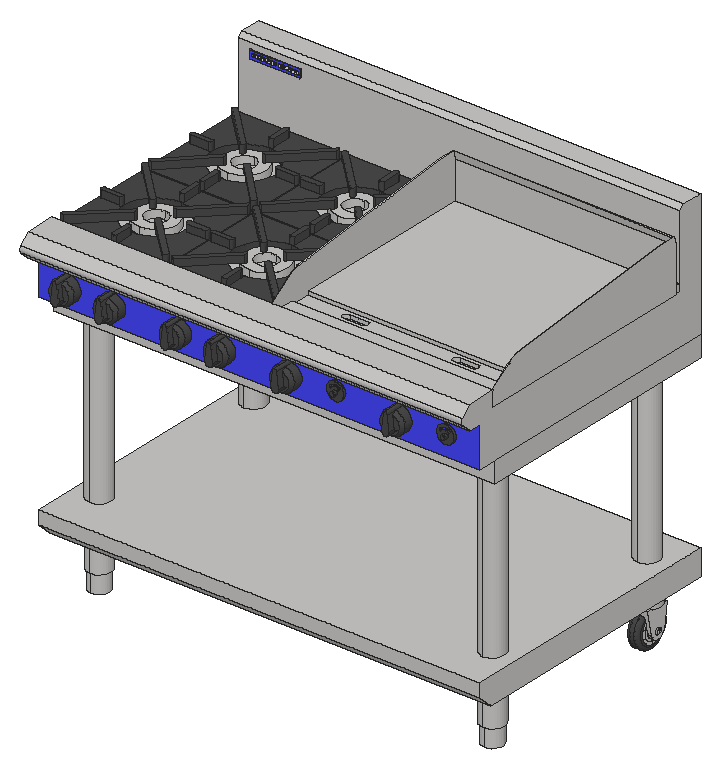
Revit family "QF_MOFFAT_BLUESEAL_CE_G518B-LS", category Specialty Equipment, Revit 2012
Parameters
  Width = 1200 mm
  Weight in Pounds = 347  # constant formula
  URL Cutsheet = "www.moffat.com"
  URL = "www.moffat.com"
  Type Mark [instance] = ""
  Status [instance] = ""
  Specification by User [instance] = ""
  Specification by Manufacturer = ""
  Show Logo [instance] = yes
  Show Casters [instance] = yes
  Serial Number = ""
  Seismic Rating = ""
  SMACNA No = ""
  Revision Code [instance] = ""
  Omniclass Number and Title = ""
  NAFEM Spec ID Number = ""
  Model = "G518B-LS"
  Mechanical Remarks = ""
  Mechanical Connection Type = ""
  Masterspec = ""
  Manufacturer = "MOFFAT BLUESEAL"
  Legs [instance] = not(Show Casters)  # no
  Item Number [instance] = ""
  Installed By [instance] = ""
  Identify Quantity as Lot [instance] = yes
  Gas Size = 3/4"
  Gas RI Height = 0 mm
  Gas KW = 42.2
  Gas Input = 144068.0 Btu/h
  Gas Connection Height = 0 mm
  Furnished By [instance] = ""
  Foodservice Equipment Identifier [instance] = yes
  Description = "1200MM GAS COOK TOP ON LEG STAND"
  Depth = 812 mm
  CSI MasterFormat = ""
  CSI Master Format = ""
  Base Height [instance] = 150 mm
Reference planes
  plane 1 "BACK": y = 0
  plane 2: z = 0
  plane 3 "LEFT": x = 0
  plane 4 "RIGHT": x = 1200
  plane 5 "FRONT": y = -812
  plane 6 "TOP": z = 970
  plane 7 "Center Y": x = 600
  plane 8 "Center X": y = -406
  plane 9 "Base Height": z = 150
  plane 10: z = 915
  plane 11: x = 1070
  plane 12: z = 1085
  plane 13: x = 65.354
  plane 14: y = -625
  plane 15: y = -100
  plane 16: z = 655
  plane 17: x = 1134.646
Forms (mm)
  Extrusion 1, solid, material "QF_Finishes_Stainless Steel"
    sketch origin (0, 0, 0) x (0, 1, 0) y (0, 0, 1)
      loop
        line (-749, 850) -> (-749, 740) -> (0, 740) -> (0, 1085) -> (-57.5, 1085) -> (-70, 1072.5) -> (-70, 875) -> (-705, 875) -> (-705, 915) -> (-783.97, 915) -> (-808.485, 890.485)
        arc (-808.485, 890.485) -> (-811.999, 882) -> (-808.485, 873.515) r 12
        line (-808.485, 873.515) -> (-784.97, 850) -> (-749, 850)
      loop
        line (0, 685) -> (0, 739.5) -> (-699, 739.5) -> (-699, 685) -> (0, 685)
      loop
        line (0, 222.5) -> (-749, 222.5) -> (-749, 186) -> (-713, 150) -> (0, 150) -> (0, 222.5)
    from 0 to 1200
  Revolve 2, solid, material "QF_Finishes_Black"
    sketch origin (90, 7, 600) x (0, 1, 0) y (0, 0, -1)
      loop
        line (-789, -229.5) -> (-766, -229.5) -> (-766, -202) -> (-756, -202) -> (-756, -197) -> (-800, -197) -> (-800, -223.651) -> (-789, -229.5)
      axis (-800, -197) -> (-756, -197)
    angle from 0 to 360
  Extrusion 3, solid, material "QF_Finishes_Black"
    sketch origin (90, -759, 797) x (0, 0, 1) y (1, 0, 0)
      loop
        arc (32.192, -4.965) -> (37.079, 0.034) -> (32.192, 5.033) r 5
        line (32.192, 5.033) -> (-10.726, 10.453)
        arc (-10.726, 10.453) -> (-22.392, 0.618) -> (-11.893, -10.454) r 10.487
        line (-11.893, -10.454) -> (32.192, -4.965)
    from 0 to -49
  Extrusion 4, solid, material "QF_Finishes_Stainless Steel"
    sketch origin (0, 0, 222.5) x (0, -1, 0) y (1, 0, 0)
      loop
        circle (100, 65) r 31.75
      loop
        circle (625, 65) r 31.75
      loop
        circle (100, 1135) r 31.75
      loop
        circle (625, 1135) r 31.75
    from 0 to 462.5
  Revolve 5, solid, material "QF_Finishes_Stainless Steel", visible <- "Legs"
    sketch origin (65.5, -166, 0) x (0, 1, 0) y (0, 0, 1)
      loop
        line (34.25, 150) -> (34.25, 50) -> (38.5, 50) -> (38.5, 0) -> (66, 0) -> (66, 150) -> (34.25, 150)
      axis (66, 150) -> (66, 0)
    angle from 0 to 360
  Revolve 6, solid, material "QF_Finishes_Stainless Steel"
    sketch origin (65.5, -735, 0) x (0, 1, 0) y (0, 0, 1)
      loop
        line (78.25, 150) -> (78.25, 50) -> (82.5, 50) -> (82.5, 0) -> (110, 0) -> (110, 150) -> (78.25, 150)
      axis (110, 150) -> (110, 0)
    angle from 0 to 360
  Revolve 7, solid, material "QF_Finishes_Stainless Steel", visible <- "Show Casters"
    sketch origin (16.276, -100.755, -12.8) x (1, 0, 0) y (0, 0, 1)
      loop
        line (14.841, 63.604) -> (83.584, 63.604) -> (83.584, 67.109) -> (82.314, 68.379) -> (80.79, 68.379) -> (80.79, 71.826) -> (68.644, 71.826) -> (68.644, 81.79) -> (65.088, 83.843) -> (63.738, 92.179) -> (65.881, 92.179) -> (65.881, 98.529) -> (65.088, 98.529) -> (65.088, 104.879)
        arc (65.088, 104.879) -> (62.298, 111.614) -> (55.563, 114.404) r 9.525
        line (55.563, 114.404) -> (42.863, 114.404)
        arc (42.863, 114.404) -> (36.127, 111.614) -> (33.338, 104.879) r 9.525
        line (33.338, 104.879) -> (33.338, 98.529) -> (32.544, 98.529) -> (32.544, 92.179) -> (34.687, 92.179) -> (33.352, 83.932) -> (29.782, 81.871) -> (29.782, 71.826) -> (17.635, 71.826) -> (17.635, 68.379) -> (16.111, 68.379) -> (14.841, 67.109) -> (14.841, 63.604)
      axis (14.841, 63.604) -> (83.584, 63.604)
    angle from 0 to 360
  Extrusion 8, solid, material "QF_Finishes_Stainless Steel", visible <- "Show Casters"
    sketch origin (72.001, 132.353, -8.783) x (0, 1, 0) y (0, 0, 1)
      loop
        line (-200.603, 118.783) -> (-264.103, 118.783) -> (-251.746, 53.895)
        arc (-251.746, 53.895) -> (-232.353, 38.783) -> (-212.959, 53.895) r 20
        line (-212.959, 53.895) -> (-200.603, 118.783)
    from -35.667 to 22.923
  Revolve 9, solid, material "QF_Finishes_Stainless Steel", visible <- "Show Casters"
    sketch origin (65.5, -204, 0) x (0, 1, 0) y (0, 0, 1)
      loop
        line (68.25, 150) -> (68.25, 110) -> (104, 110) -> (104, 150) -> (68.25, 150)
      axis (104, 150) -> (104, 110)
    angle from 0 to 360
  Revolve 10, solid, material "QF_Finishes_Stainless Steel", visible <- "Legs"
    sketch origin (65.5, -166, 0) x (0, 1, 0) y (0, 0, 1)
      loop
        line (34.25, 150) -> (34.25, 50) -> (38.5, 50) -> (38.5, 0) -> (66, 0) -> (66, 150) -> (34.25, 150)
      axis (66, 150) -> (66, 0)
    angle from 0 to 360
  Extrusion 11, solid, material "QF_Finishes_Stainless Steel"
    sketch origin (0, 0, 685) x (-1, 0, 0) y (0, 1, 0)
      loop
        circle (-1070, -32) r 6.35
    from 0 to 30
  Revolve 12, solid, material "QF_Finishes_Black"
    sketch origin (390, 7, 600) x (0, 1, 0) y (0, 0, -1)
      loop
        line (-789, -229.5) -> (-766, -229.5) -> (-766, -202) -> (-756, -202) -> (-756, -197) -> (-800, -197) -> (-800, -223.651) -> (-789, -229.5)
      axis (-800, -197) -> (-756, -197)
    angle from 0 to 360
  Extrusion 13, solid, material "QF_Finishes_Black"
    sketch origin (390, -759, 797) x (0, 0, 1) y (1, 0, 0)
      loop
        arc (32.192, -4.965) -> (37.079, 0.034) -> (32.192, 5.033) r 5
        line (32.192, 5.033) -> (-10.726, 10.453)
        arc (-10.726, 10.453) -> (-22.392, 0.618) -> (-11.893, -10.454) r 10.487
        line (-11.893, -10.454) -> (32.192, -4.965)
    from 0 to -49
  Revolve 14, solid, material "QF_Finishes_Black"
    sketch origin (690, 7, 600) x (0, 1, 0) y (0, 0, -1)
      loop
        line (-789, -229.5) -> (-766, -229.5) -> (-766, -202) -> (-756, -202) -> (-756, -197) -> (-800, -197) -> (-800, -223.651) -> (-789, -229.5)
      axis (-800, -197) -> (-756, -197)
    angle from 0 to 360
  Extrusion 15, solid, material "QF_Finishes_Black"
    sketch origin (690, -759, 797) x (0, 0, 1) y (1, 0, 0)
      loop
        arc (32.192, -4.965) -> (37.079, 0.034) -> (32.192, 5.033) r 5
        line (32.192, 5.033) -> (-10.726, 10.453)
        arc (-10.726, 10.453) -> (-22.392, 0.618) -> (-11.893, -10.454) r 10.487
        line (-11.893, -10.454) -> (32.192, -4.965)
    from 0 to -49
  Revolve 16, solid, material "QF_Finishes_Black"
    sketch origin (210, 7, 600) x (0, 1, 0) y (0, 0, -1)
      loop
        line (-789, -229.5) -> (-766, -229.5) -> (-766, -202) -> (-756, -202) -> (-756, -197) -> (-800, -197) -> (-800, -223.651) -> (-789, -229.5)
      axis (-800, -197) -> (-756, -197)
    angle from 0 to 360
  Extrusion 17, solid, material "QF_Finishes_Black"
    sketch origin (210, -759, 797) x (0, 0, 1) y (1, 0, 0)
      loop
        arc (32.192, -4.965) -> (37.079, 0.034) -> (32.192, 5.033) r 5
        line (32.192, 5.033) -> (-10.726, 10.453)
        arc (-10.726, 10.453) -> (-22.392, 0.618) -> (-11.893, -10.454) r 10.487
        line (-11.893, -10.454) -> (32.192, -4.965)
    from 0 to -49
  Revolve 18, solid, material "QF_Finishes_Stainless Steel", visible <- "Legs"
    sketch origin (1134.5, -166, 0) x (0, 1, 0) y (0, 0, -1)
      loop
        line (34.25, -150) -> (66, -150) -> (66, 0) -> (38.5, 0) -> (38.5, -50) -> (34.25, -50) -> (34.25, -150)
      axis (66, -150) -> (66, 0)
    angle from 0 to 360
  Revolve 19, solid, material "QF_Finishes_Stainless Steel"
    sketch origin (1134.5, -735, 0) x (0, 1, 0) y (0, 0, -1)
      loop
        line (78.25, -150) -> (110, -150) -> (110, 0) -> (82.5, 0) -> (82.5, -50) -> (78.25, -50) -> (78.25, -150)
      axis (110, -150) -> (110, 0)
    angle from 0 to 360
  Revolve 20, solid, material "QF_Finishes_Stainless Steel", visible <- "Show Casters"
    sketch origin (1183.724, -100.755, -12.8) x (-1, 0, 0) y (0, 0, -1)
      loop
        line (14.841, -63.604) -> (14.841, -67.109) -> (16.111, -68.379) -> (17.635, -68.379) -> (17.635, -71.826) -> (29.782, -71.826) -> (29.782, -81.871) -> (33.352, -83.932) -> (34.687, -92.179) -> (32.544, -92.179) -> (32.544, -98.529) -> (33.338, -98.529) -> (33.338, -104.879)
        arc (33.338, -104.879) -> (36.127, -111.614) -> (42.863, -114.404) r 9.525
        line (42.863, -114.404) -> (55.563, -114.404)
        arc (55.563, -114.404) -> (62.298, -111.614) -> (65.088, -104.879) r 9.525
        line (65.088, -104.879) -> (65.088, -98.529) -> (65.881, -98.529) -> (65.881, -92.179) -> (63.738, -92.179) -> (65.088, -83.843) -> (68.644, -81.79) -> (68.644, -71.826) -> (80.79, -71.826) -> (80.79, -68.379) -> (82.314, -68.379) -> (83.584, -67.109) -> (83.584, -63.604) -> (14.841, -63.604)
      axis (14.841, -63.604) -> (83.584, -63.604)
    angle from 0 to 360
  Extrusion 21, solid, material "QF_Finishes_Stainless Steel", visible <- "Show Casters"
    sketch origin (1127.999, 132.353, -8.783) x (0, 1, 0) y (0, 0, -1)
      loop
        line (-200.603, -118.783) -> (-212.959, -53.895)
        arc (-212.959, -53.895) -> (-232.353, -38.783) -> (-251.746, -53.895) r 20
        line (-251.746, -53.895) -> (-264.103, -118.783) -> (-200.603, -118.783)
    from -35.667 to 22.923
  Revolve 22, solid, material "QF_Finishes_Stainless Steel", visible <- "Show Casters"
    sketch origin (1134.5, -204, 0) x (0, 1, 0) y (0, 0, -1)
      loop
        line (68.25, -150) -> (104, -150) -> (104, -110) -> (68.25, -110) -> (68.25, -150)
      axis (104, -150) -> (104, -110)
    angle from 0 to 360
  Revolve 23, solid, material "QF_Finishes_Stainless Steel", visible <- "Legs"
    sketch origin (1134.5, -166, 0) x (0, 1, 0) y (0, 0, -1)
      loop
        line (34.25, -150) -> (66, -150) -> (66, 0) -> (38.5, 0) -> (38.5, -50) -> (34.25, -50) -> (34.25, -150)
      axis (66, -150) -> (66, 0)
    angle from 0 to 360
  Revolve 24, solid, material "QF_Finishes_Black"
    sketch origin (990, 7, 600) x (0, 1, 0) y (0, 0, -1)
      loop
        line (-789, -229.5) -> (-766, -229.5) -> (-766, -202) -> (-756, -202) -> (-756, -197) -> (-800, -197) -> (-800, -223.651) -> (-789, -229.5)
      axis (-800, -197) -> (-756, -197)
    angle from 0 to 360
  Extrusion 25, solid, material "QF_Finishes_Black"
    sketch origin (990, -759, 797) x (0, 0, 1) y (1, 0, 0)
      loop
        arc (32.192, -4.965) -> (37.079, 0.034) -> (32.192, 5.033) r 5
        line (32.192, 5.033) -> (-10.726, 10.453)
        arc (-10.726, 10.453) -> (-22.392, 0.618) -> (-11.893, -10.454) r 10.487
        line (-11.893, -10.454) -> (32.192, -4.965)
    from 0 to -49
  Revolve 26, solid, material "QF_Finishes_Black"
    sketch origin (510, 7, 600) x (0, 1, 0) y (0, 0, -1)
      loop
        line (-789, -229.5) -> (-766, -229.5) -> (-766, -202) -> (-756, -202) -> (-756, -197) -> (-800, -197) -> (-800, -223.651) -> (-789, -229.5)
      axis (-800, -197) -> (-756, -197)
    angle from 0 to 360
  Extrusion 27, solid, material "QF_Finishes_Black"
    sketch origin (510, -759, 797) x (0, 0, 1) y (1, 0, 0)
      loop
        arc (32.192, -4.965) -> (37.079, 0.034) -> (32.192, 5.033) r 5
        line (32.192, 5.033) -> (-10.726, 10.453)
        arc (-10.726, 10.453) -> (-22.392, 0.618) -> (-11.893, -10.454) r 10.487
        line (-11.893, -10.454) -> (32.192, -4.965)
    from 0 to -49
  Extrusion 28, solid, material "QF_Finishes_Black"
    sketch origin (0, -749, 850) x (0, 0, -1) y (1, 0, 0)
      loop
        circle (53, 810) r 23.9
      loop
        circle (53, 1110) r 23.9
      loop
        arc (45.641, 1118.419) -> (46.501, 1123.219) -> (41.701, 1124.079) r 3.448
        arc (41.701, 1124.079) -> (35.116, 1109.341) -> (42.919, 1095.209) r 18.095
        arc (42.919, 1095.209) -> (47.641, 1096.491) -> (46.326, 1101.204) r 3.448
        arc (46.326, 1101.204) -> (42.758, 1109.683) -> (45.641, 1118.419) r 13.109
      loop
        arc (45.641, 818.419) -> (46.501, 823.219) -> (41.701, 824.079) r 3.448
        arc (41.701, 824.079) -> (35.116, 809.341) -> (42.919, 795.209) r 18.095
        arc (42.919, 795.209) -> (47.641, 796.491) -> (46.326, 801.204) r 3.448
        arc (46.326, 801.204) -> (42.758, 809.683) -> (45.641, 818.419) r 13.109
    from 0 to 5
  Extrusion 29, solid, material "QF_Finishes_Black"
    sketch origin (0, -754, 850) x (0, 0, -1) y (1, 0, 0)
      loop
        circle (56.5, 810) r 5.75
      loop
        circle (56.5, 1110) r 5.75
    from 0 to 10
Lines and regions (mm)
  Split face 1
    outline origin (0, -56.5, 1085) x (0, 1, 0) y (-1, 0, 0)
      loop
        line (11.115, -638.041) -> (11.115, -866)
        arc (11.115, -866) -> (16.115, -874.66) -> (26.115, -874.66) r 10
        line (26.115, -874.66) -> (33.115, -870.619)
        arc (33.115, -870.619) -> (36.775, -866.959) -> (38.115, -861.959) r 10
        line (38.115, -861.959) -> (38.115, -634)
        arc (38.115, -634) -> (33.115, -625.34) -> (23.115, -625.34) r 10
        line (23.115, -625.34) -> (16.115, -629.381)
        arc (16.115, -629.381) -> (12.455, -633.041) -> (11.115, -638.041) r 10
  Split face 2
    outline origin (0, -56.5, 1085) x (0, 1, 0) y (-1, 0, 0)
      loop
        line (38.115, -1151.959) -> (38.115, -924)
        arc (38.115, -924) -> (33.115, -915.34) -> (23.115, -915.34) r 10
        line (23.115, -915.34) -> (16.115, -919.381)
        arc (16.115, -919.381) -> (12.455, -923.041) -> (11.115, -928.041) r 10
        line (11.115, -928.041) -> (11.115, -1156)
        arc (11.115, -1156) -> (16.115, -1164.66) -> (26.115, -1164.66) r 10
        line (26.115, -1164.66) -> (33.115, -1160.619)
        arc (33.115, -1160.619) -> (36.775, -1156.959) -> (38.115, -1151.959) r 10
  Split face 3
    outline origin (0, -56.5, 1085) x (0, 1, 0) y (-1, 0, 0)
      loop
        line (11.115, -48.041) -> (11.115, -276)
        arc (11.115, -276) -> (16.115, -284.66) -> (26.115, -284.66) r 10
        line (26.115, -284.66) -> (33.115, -280.619)
        arc (33.115, -280.619) -> (36.775, -276.959) -> (38.115, -271.959) r 10
        line (38.115, -271.959) -> (38.115, -44)
        arc (38.115, -44) -> (33.115, -35.34) -> (23.115, -35.34) r 10
        line (23.115, -35.34) -> (16.115, -39.381)
        arc (16.115, -39.381) -> (12.455, -43.041) -> (11.115, -48.041) r 10
  Split face 4
    outline origin (0, -56.5, 1085) x (0, 1, 0) y (-1, 0, 0)
      loop
        arc (38.115, -344) -> (33.115, -335.34) -> (23.115, -335.34) r 10
        line (23.115, -335.34) -> (16.115, -339.381)
        arc (16.115, -339.381) -> (12.455, -343.041) -> (11.115, -348.041) r 10
        line (11.115, -348.041) -> (11.115, -576)
        arc (11.115, -576) -> (16.115, -584.66) -> (26.115, -584.66) r 10
        line (26.115, -584.66) -> (33.115, -580.619)
        arc (33.115, -580.619) -> (36.775, -576.959) -> (38.115, -571.959) r 10
        line (38.115, -571.959) -> (38.115, -344)
  symbolic lines, style "SpecialityEquipmentHiddenLines", visible <- "Show Casters"
    curve 1: line (78.456, -46.735, 0) -> (105.952, -62.61, 0)
    curve 2: line (27.656, -134.723, 0) -> (78.456, -46.735, 0)
    curve 3: line (55.152, -150.598, 0) -> (27.656, -134.723, 0)
    curve 4: line (105.952, -62.61, 0) -> (55.152, -150.598, 0)
    curve 5: line (1148.456, -46.735, 0) -> (1175.952, -62.61, 0)
    curve 6: line (1097.656, -134.723, 0) -> (1148.456, -46.735, 0)
    curve 7: line (1125.152, -150.598, 0) -> (1097.656, -134.723, 0)
    curve 8: line (1175.952, -62.61, 0) -> (1125.152, -150.598, 0)
  symbolic lines
    curve 9: line (0, -783.97, 0) -> (1200, -783.97, 0)
    curve 10: line (0, 0, 0) -> (0, -811.999, 0)
    curve 11: line (1200, -811.999, 0) -> (1200, 0, 0)
    curve 12: line (1200, -811.999, 0) -> (0, -811.999, 0)
    curve 13: line (0, -70, 0) -> (1200, -70, 0)
    curve 14: line (0, -57.5, 0) -> (1200, -57.5, 0)
    curve 15: line (1200, 0, 0) -> (0, 0, 0)
    curve 16: line (271.959, -18.385, 0) -> (44, -18.385, 0)
    curve 17: arc (44, -18.385, 0) -> (35.34, -23.385, 0) -> (35.34, -33.385, 0) r 10
    curve 18: line (35.34, -33.385, 0) -> (39.381, -40.385, 0)
    curve 19: arc (39.381, -40.385, 0) -> (43.041, -44.045, 0) -> (48.041, -45.385, 0) r 10
    curve 20: line (48.041, -45.385, 0) -> (276, -45.385, 0)
    curve 21: arc (276, -45.385, 0) -> (284.66, -40.385, 0) -> (284.66, -30.385, 0) r 10
    curve 22: line (284.66, -30.385, 0) -> (280.619, -23.385, 0)
    curve 23: arc (280.619, -23.385, 0) -> (276.959, -19.725, 0) -> (271.959, -18.385, 0) r 10
    curve 24: line (0, -705, 0) -> (1200, -705, 0)
    curve 25: line (571.959, -18.385, 0) -> (344, -18.385, 0)
    curve 26: arc (344, -18.385, 0) -> (335.34, -23.385, 0) -> (335.34, -33.385, 0) r 10
    curve 27: line (335.34, -33.385, 0) -> (339.381, -40.385, 0)
    curve 28: arc (339.381, -40.385, 0) -> (343.041, -44.045, 0) -> (348.041, -45.385, 0) r 10
    curve 29: line (348.041, -45.385, 0) -> (576, -45.385, 0)
    curve 30: arc (576, -45.385, 0) -> (584.66, -40.385, 0) -> (584.66, -30.385, 0) r 10
    curve 31: line (584.66, -30.385, 0) -> (580.619, -23.385, 0)
    curve 32: arc (580.619, -23.385, 0) -> (576.959, -19.725, 0) -> (571.959, -18.385, 0) r 10
    curve 33: line (861.959, -18.385, 0) -> (634, -18.385, 0)
    curve 34: arc (634, -18.385, 0) -> (625.34, -23.385, 0) -> (625.34, -33.385, 0) r 10
    curve 35: line (625.34, -33.385, 0) -> (629.381, -40.385, 0)
    curve 36: arc (629.381, -40.385, 0) -> (633.041, -44.045, 0) -> (638.041, -45.385, 0) r 10
    curve 37: line (638.041, -45.385, 0) -> (866, -45.385, 0)
    curve 38: arc (866, -45.385, 0) -> (874.66, -40.385, 0) -> (874.66, -30.385, 0) r 10
    curve 39: line (874.66, -30.385, 0) -> (870.619, -23.385, 0)
    curve 40: arc (870.619, -23.385, 0) -> (866.959, -19.725, 0) -> (861.959, -18.385, 0) r 10
    curve 41: line (924, -18.385, 0) -> (1151.959, -18.385, 0)
    curve 42: arc (1151.959, -18.385, 0) -> (1156.959, -19.725, 0) -> (1160.619, -23.385, 0) r 10
    curve 43: line (1160.619, -23.385, 0) -> (1164.66, -30.385, 0)
    curve 44: arc (1164.66, -30.385, 0) -> (1164.66, -40.385, 0) -> (1156, -45.385, 0) r 10
    curve 45: line (1156, -45.385, 0) -> (928.041, -45.385, 0)
    curve 46: arc (928.041, -45.385, 0) -> (923.041, -44.045, 0) -> (919.381, -40.385, 0) r 10
    curve 47: line (919.381, -40.385, 0) -> (915.34, -33.385, 0)
    curve 48: arc (915.34, -33.385, 0) -> (915.34, -23.385, 0) -> (924, -18.385, 0) r 10
Dimensions and locks
  equal spacing: plane 3 "LEFT", plane 7 "Center Y", plane 4 "RIGHT"
  "Width": plane 3 "LEFT" to plane 4 "RIGHT"
  equal spacing: plane 5 "FRONT", plane 8 "Center X", plane 1 "BACK"
  "Depth": plane 5 "FRONT" to plane 1 "BACK"
  equal spacing: plane 4 "RIGHT", plane 7 "Center Y", plane 3 "LEFT"
  plane 4 "RIGHT" to plane 3 "LEFT" = 1200 mm
  plane 5 "FRONT" to plane 1 "BACK" = 812 mm
  "Base Height": plane 9 "Base Height" to level
  plane 6 "TOP" to level = 970 mm
  plane 10 to level = 915 mm
  plane 11 to plane 4 "RIGHT" = 130 mm
  plane 12 to plane 2 = 1085 mm
  Revolve 7 sketch curve to Revolve 7 sketch curve = 50.8 mm
  plane 15 to plane 14 = 525 mm
  plane 16 to plane 2 = 655 mm
  Extrusion 11 sketch curve to plane 1 "BACK" = 32 mm
  Revolve 20 sketch curve to Revolve 20 sketch curve = 50.8 mm
  aligned and locked: level to plane 2
Automatic sketch dimensions
  curve 10 to plane 3 "LEFT" = 0 mm
  curve 24 to plane 4 "RIGHT" = 0 mm
  plane 1 "BACK" to curve 15 = 0 mm
  plane 3 "LEFT" to curve 3 = 27.656 mm
  plane 13 to curve 18 = 30.014 mm
  curve 17 to curve 19 = 4.041 mm
  curve 17 to curve 17 = 8.66 mm
  curve 18 to curve 20 = 8.66 mm
  plane 13 to curve 3 = 10.202 mm
  curve 1 to plane 13 = 13.102 mm
  plane 1 "BACK" to curve 16 = 18.385 mm
  curve 1 to curve 16 = 166.007 mm
  curve 23 to curve 21 = 4.041 mm
  curve 23 to curve 23 = 8.66 mm
  plane 1 "BACK" to curve 22 = 30.385 mm
  curve 23 to curve 22 = 4.041 mm
  curve 22 to curve 26 = 50.679 mm
  plane 1 "BACK" to curve 27 = 40.385 mm
  curve 27 to curve 27 = 4.041 mm
  curve 26 to curve 26 = 8.66 mm
  curve 26 to curve 28 = 4.041 mm
  curve 32 to plane 7 "Center Y" = 28.041 mm
  curve 32 to curve 29 = 4.041 mm
  curve 32 to curve 31 = 8.66 mm
  curve 32 to curve 30 = 4.041 mm
  plane 7 "Center Y" to curve 35 = 25.34 mm
  curve 35 to curve 35 = 4.041 mm
  curve 34 to curve 34 = 8.66 mm
  curve 35 to curve 37 = 8.66 mm
  plane 1 "BACK" to curve 33 = 18.385 mm
  curve 33 to plane 11 = 208.041 mm
  curve 40 to curve 37 = 4.041 mm
  plane 1 "BACK" to curve 39 = 23.385 mm
  curve 33 to curve 39 = 8.66 mm
  plane 1 "BACK" to curve 39 = 30.385 mm
  curve 40 to curve 39 = 4.041 mm
  curve 38 to curve 48 = 40.679 mm
  plane 1 "BACK" to curve 47 = 40.385 mm
  curve 47 to curve 47 = 4.041 mm
  curve 48 to curve 48 = 8.66 mm
  curve 47 to curve 46 = 8.66 mm
  plane 11 to curve 6 = 27.656 mm
  curve 7 to plane 17 = 9.494 mm
  plane 17 to curve 6 = 13.809 mm
  plane 17 to curve 41 = 17.312 mm
  curve 42 to curve 44 = 4.041 mm
  curve 42 to curve 43 = 8.66 mm
  curve 42 to curve 43 = 4.041 mm
  curve 19 to curve 16 = 22 mm
  plane 1 "BACK" to curve 30 = 45.385 mm
  curve 21 to curve 21 = 15 mm
  plane 1 "BACK" to curve 44 = 45.385 mm
  curve 38 to curve 39 = 15 mm
  curve 2 to curve 19 = 1.35 mm
  curve 5 to curve 45 = 1.35 mm
  curve 14 to plane 15 = 42.5 mm
  curve 8 to curve 14 = 5.11 mm
  curve 4 to curve 1 = 15.875 mm
  curve 13 to curve 14 = 12.5 mm
  plane 14 to curve 24 = 80 mm
  curve 9 to plane 5 "FRONT" = 28.03 mm
  curve 10 to plane 5 "FRONT" = 0.001 mm
  curve 37 to curve 35 = 5 mm
  curve 45 to curve 44 = 10 mm
  curve 29 to curve 30 = 10 mm
  curve 18 to curve 17 = 7 mm
  curve 46 to curve 47 = 7 mm
  curve 28 to curve 26 = 7 mm  (x2)
  curve 36 to curve 35 = 7 mm
  curve 46 to curve 48 = 7 mm
  curve 44 to curve 42 = 7 mm
  curve 30 to curve 32 = 7 mm
  curve 21 to curve 23 = 7 mm
  plane 10 to Extrusion 1 sketch curve = 0 mm
  Extrusion 1 sketch curve to plane 9 "Base Height" = 0 mm
  plane 12 to Extrusion 1 sketch curve = 0 mm
  Extrusion 1 sketch curve to plane 1 "BACK" = 0 mm  (x3)
  Extrusion 1 sketch curve to plane 15 = 42.5 mm
  plane 12 to Extrusion 1 sketch curve = 12.5 mm
  Extrusion 1 sketch curve to Extrusion 1 sketch curve = 12.5 mm
  plane 16 to Extrusion 1 sketch curve = 30 mm
  plane 14 to Extrusion 1 sketch curve = 74 mm
  plane 14 to Extrusion 1 sketch curve = 80 mm
  plane 14 to Extrusion 1 sketch curve = 88 mm
  Extrusion 1 sketch curve to Extrusion 1 sketch curve = 44 mm
  Extrusion 1 sketch curve to Extrusion 1 sketch curve = 36 mm
  Extrusion 1 sketch curve to plane 5 "FRONT" = 28.03 mm
  Extrusion 1 sketch curve to plane 5 "FRONT" = 27.03 mm
  Extrusion 1 sketch curve to plane 5 "FRONT" = 12.001 mm
  Extrusion 1 sketch curve to plane 5 "FRONT" = 3.515 mm  (x2)
  plane 9 "Base Height" to Extrusion 1 sketch curve = 36 mm
  plane 9 "Base Height" to Extrusion 1 sketch curve = 72.5 mm
  Extrusion 1 sketch curve to Extrusion 1 sketch curve = 54.5 mm
  Extrusion 1 sketch curve to Extrusion 1 sketch curve = 0.5 mm
  plane 10 to Extrusion 1 sketch curve = 65 mm
  Extrusion 1 sketch curve to Extrusion 1 sketch curve = 23.515 mm
  plane 10 to Extrusion 1 sketch curve = 40 mm
  Extrusion 1 sketch curve to Extrusion 1 sketch curve = 8.485 mm
  Revolve 2 sketch curve to plane 5 "FRONT" = 19 mm
  Revolve 2 sketch curve to Revolve 2 sketch curve = 0 mm  (x2)
  Revolve 2 sketch curve to Revolve 2 sketch curve = 11 mm
  Revolve 2 sketch curve to Revolve 2 sketch curve = 12.7 mm
  Revolve 2 sketch curve to Revolve 2 sketch curve = 23 mm
  Revolve 2 sketch curve to Revolve 2 sketch curve = 10 mm
  plane 10 to Revolve 2 sketch curve = 85.5 mm
  Revolve 2 sketch curve to Revolve 2 sketch curve = 5.849 mm
  Revolve 2 sketch curve to Revolve 2 sketch curve = 27.5 mm
  Revolve 2 sketch curve to Revolve 2 sketch curve = 5 mm
  Extrusion 3 sketch curve to Revolve 2 = 0.034 mm  (x2)
  Revolve 2 to Extrusion 3 sketch curve = 10.454 mm
  Extrusion 3 sketch curve to Extrusion 3 sketch curve = 0.028 mm
  Extrusion 3 sketch curve to Revolve 2 = 10.453 mm
  Extrusion 3 sketch curve to Extrusion 3 sketch curve = 44 mm
  Extrusion 3 sketch curve to Revolve 2 = 5.033 mm
  Extrusion 3 sketch curve to Extrusion 3 sketch curve = 0.113 mm
  Revolve 2 to Extrusion 3 sketch curve = 4.965 mm
  Extrusion 4 sketch curve to Extrusion 4 sketch curve = 0 mm  (x8)
  Extrusion 1 to Extrusion 4 sketch curve = 68.25 mm  (x2)
  Extrusion 4 sketch curve to Extrusion 4 sketch curve = 31.75 mm  (x4)
  Extrusion 4 sketch curve to Extrusion 1 = 155.75 mm  (x2)
  Extrusion 1 to Extrusion 4 sketch curve = 65 mm  (x4)
  Revolve 5 sketch curve to plane 9 "Base Height" = 0 mm
  Revolve 5 sketch curve to level = 0 mm
  Revolve 5 sketch curve to plane 15 = 0 mm  (x2)
  plane 15 to Revolve 5 sketch curve = 27.5 mm
  plane 15 to Revolve 5 sketch curve = 31.75 mm
  Revolve 5 sketch curve to Revolve 5 sketch curve = 55 mm
  level to Revolve 5 sketch curve = 50 mm
  Revolve 5 sketch curve to Revolve 5 sketch curve = 0 mm
  Revolve 6 sketch curve to plane 9 "Base Height" = 0 mm
  Revolve 6 sketch curve to level = 0 mm
  Revolve 6 sketch curve to plane 14 = 0 mm  (x2)
  Revolve 6 sketch curve to Revolve 6 sketch curve = 27.5 mm
  Revolve 6 sketch curve to Revolve 6 sketch curve = 31.75 mm
  Revolve 6 sketch curve to Revolve 6 sketch curve = 55 mm
  level to Revolve 6 sketch curve = 50 mm
  Revolve 6 sketch curve to Revolve 6 sketch curve = 0 mm
  plane 3 "LEFT" to Revolve 7 sketch curve = 31.118 mm
  Revolve 7 sketch curve to Revolve 7 sketch curve = 1.27 mm  (x4)
  Revolve 7 sketch curve to Revolve 7 sketch curve = 1.524 mm  (x2)
  Revolve 7 sketch curve to Revolve 7 sketch curve = 12.146 mm  (x2)
  plane 13 to Revolve 7 sketch curve = 16.533 mm
  Revolve 7 sketch curve to Revolve 7 sketch curve = 0.794 mm  (x2)
  Revolve 7 sketch curve to Revolve 7 sketch curve = 3.57 mm
  Revolve 7 sketch curve to Revolve 7 sketch curve = 2.143 mm
  plane 13 to Revolve 7 sketch curve = 6.215 mm
  Revolve 7 sketch curve to plane 13 = 5.276 mm
  Revolve 7 sketch curve to plane 13 = 6.485 mm
  Revolve 7 sketch curve to plane 13 = 14.661 mm
  Revolve 7 sketch curve to Revolve 7 sketch curve = 1.349 mm  (x2)
  Revolve 7 sketch curve to Revolve 7 sketch curve = 3.556 mm
  Revolve 7 sketch curve to Revolve 7 sketch curve = 33.32 mm
  level to Revolve 7 sketch curve = 50.804 mm
  Revolve 7 sketch curve to Revolve 7 sketch curve = 0 mm
  Revolve 7 sketch curve to Revolve 7 sketch curve = 3.505 mm  (x2)
  Revolve 7 sketch curve to Revolve 7 sketch curve = 3.447 mm  (x2)
  Revolve 7 sketch curve to Revolve 7 sketch curve = 9.964 mm
  Revolve 7 sketch curve to Revolve 7 sketch curve = 10.045 mm
  Revolve 7 sketch curve to Revolve 7 sketch curve = 2.053 mm
  Revolve 7 sketch curve to Revolve 7 sketch curve = 2.061 mm
  Revolve 7 sketch curve to Revolve 7 sketch curve = 8.247 mm
  Revolve 7 sketch curve to Revolve 7 sketch curve = 8.336 mm
  Revolve 7 sketch curve to Revolve 7 sketch curve = 6.35 mm  (x2)
  Extrusion 8 sketch curve to plane 15 = 0 mm
  plane 15 to Extrusion 8 sketch curve = 19.393 mm
  plane 15 to Extrusion 8 sketch curve = 31.75 mm
  Extrusion 8 sketch curve to plane 15 = 19.393 mm
  Extrusion 8 sketch curve to plane 15 = 31.75 mm
  level to Extrusion 8 sketch curve = 45.111 mm
  Extrusion 8 sketch curve to Extrusion 8 sketch curve = 4.889 mm
  Extrusion 8 sketch curve to plane 9 "Base Height" = 40 mm
  Revolve 9 sketch curve to plane 9 "Base Height" = 0 mm
  Revolve 9 sketch curve to plane 15 = 0 mm  (x2)
  plane 15 to Revolve 9 sketch curve = 35.75 mm
  Revolve 9 sketch curve to Revolve 9 sketch curve = 40 mm
  level to Revolve 9 sketch curve = 50 mm
  Revolve 9 sketch curve to level = 55 mm
  Revolve 10 sketch curve to plane 9 "Base Height" = 0 mm
  Revolve 10 sketch curve to level = 0 mm
  Revolve 10 sketch curve to plane 15 = 0 mm  (x2)
  plane 15 to Revolve 10 sketch curve = 27.5 mm
  plane 15 to Revolve 10 sketch curve = 31.75 mm
  Revolve 10 sketch curve to Revolve 10 sketch curve = 55 mm
  level to Revolve 10 sketch curve = 50 mm
  Revolve 10 sketch curve to Revolve 10 sketch curve = 0 mm
  Extrusion 11 sketch curve to Extrusion 11 sketch curve = 0 mm
  Extrusion 11 sketch curve to Extrusion 1 = 38.35 mm
  Extrusion 11 sketch curve to Extrusion 1 = 130 mm
  Split face 1 sketch curve to Extrusion 1 = 12.115 mm
  Split face 1 sketch curve to Split face 1 sketch curve = 5 mm  (x3)
  Split face 1 sketch curve to Split face 1 sketch curve = 10 mm  (x2)
  Split face 1 sketch curve to Split face 1 sketch curve = 7 mm  (x4)
  Split face 1 sketch curve to Extrusion 1 = 325.34 mm
  Split face 1 sketch curve to Split face 1 sketch curve = 4.041 mm  (x2)
  Split face 1 sketch curve to Split face 1 sketch curve = 223.917 mm
  Split face 2 sketch curve to Extrusion 1 = 12.115 mm
  Split face 2 sketch curve to Split face 2 sketch curve = 5 mm  (x3)
  Split face 2 sketch curve to Split face 2 sketch curve = 10 mm  (x2)
  Split face 2 sketch curve to Split face 2 sketch curve = 7 mm  (x4)
  Split face 2 sketch curve to Extrusion 1 = 35.34 mm
  Split face 2 sketch curve to Split face 2 sketch curve = 4.041 mm  (x2)
  Split face 2 sketch curve to Split face 2 sketch curve = 223.917 mm
  Split face 3 sketch curve to Extrusion 1 = 12.115 mm
  Split face 3 sketch curve to Split face 3 sketch curve = 5 mm  (x3)
  Split face 3 sketch curve to Split face 3 sketch curve = 10 mm  (x2)
  Split face 3 sketch curve to Split face 3 sketch curve = 7 mm  (x4)
  Split face 3 sketch curve to Extrusion 1 = 284.66 mm
  Split face 3 sketch curve to Split face 3 sketch curve = 4.041 mm  (x2)
  Split face 3 sketch curve to Extrusion 1 = 48.041 mm
  Revolve 12 sketch curve to plane 5 "FRONT" = 19 mm
  Revolve 12 sketch curve to Revolve 12 sketch curve = 0 mm  (x2)
  Revolve 12 sketch curve to Revolve 12 sketch curve = 11 mm
  Revolve 12 sketch curve to Revolve 12 sketch curve = 12.7 mm
  Revolve 12 sketch curve to Revolve 12 sketch curve = 23 mm
  Revolve 12 sketch curve to Revolve 12 sketch curve = 10 mm
  plane 10 to Revolve 12 sketch curve = 85.5 mm
  Revolve 12 sketch curve to Revolve 12 sketch curve = 5.849 mm
  Revolve 12 sketch curve to Revolve 12 sketch curve = 27.5 mm
  Revolve 12 sketch curve to Revolve 12 sketch curve = 5 mm
  Extrusion 13 sketch curve to Revolve 12 = 0.034 mm  (x2)
  Revolve 12 to Extrusion 13 sketch curve = 10.454 mm
  Extrusion 13 sketch curve to Extrusion 13 sketch curve = 0.028 mm
  Extrusion 13 sketch curve to Revolve 12 = 10.453 mm
  Extrusion 13 sketch curve to Extrusion 13 sketch curve = 44 mm
  Extrusion 13 sketch curve to Revolve 12 = 5.033 mm
  Extrusion 13 sketch curve to Extrusion 13 sketch curve = 0.113 mm
  Revolve 12 to Extrusion 13 sketch curve = 4.965 mm
  Revolve 14 sketch curve to plane 5 "FRONT" = 19 mm
  Revolve 14 sketch curve to Revolve 14 sketch curve = 0 mm  (x2)
  Revolve 14 sketch curve to Revolve 14 sketch curve = 11 mm
  Revolve 14 sketch curve to Revolve 14 sketch curve = 12.7 mm
  Revolve 14 sketch curve to Revolve 14 sketch curve = 23 mm
  Revolve 14 sketch curve to Revolve 14 sketch curve = 10 mm
  plane 10 to Revolve 14 sketch curve = 85.5 mm
  Revolve 14 sketch curve to Revolve 14 sketch curve = 5.849 mm
  Revolve 14 sketch curve to Revolve 14 sketch curve = 27.5 mm
  Revolve 14 sketch curve to Revolve 14 sketch curve = 5 mm
  Extrusion 15 sketch curve to Revolve 14 = 0.034 mm  (x2)
  Revolve 14 to Extrusion 15 sketch curve = 10.454 mm
  Extrusion 15 sketch curve to Extrusion 15 sketch curve = 0.028 mm
  Extrusion 15 sketch curve to Revolve 14 = 10.453 mm
  Extrusion 15 sketch curve to Extrusion 15 sketch curve = 44 mm
  Extrusion 15 sketch curve to Revolve 14 = 5.033 mm
  Extrusion 15 sketch curve to Extrusion 15 sketch curve = 0.113 mm
  Revolve 14 to Extrusion 15 sketch curve = 4.965 mm
  Revolve 16 sketch curve to plane 5 "FRONT" = 19 mm
  Revolve 16 sketch curve to Revolve 16 sketch curve = 0 mm  (x2)
  Revolve 16 sketch curve to Revolve 16 sketch curve = 11 mm
  Revolve 16 sketch curve to Revolve 16 sketch curve = 12.7 mm
  Revolve 16 sketch curve to Revolve 16 sketch curve = 23 mm
  Revolve 16 sketch curve to Revolve 16 sketch curve = 10 mm
  plane 10 to Revolve 16 sketch curve = 85.5 mm
  Revolve 16 sketch curve to Revolve 16 sketch curve = 5.849 mm
  Revolve 16 sketch curve to Revolve 16 sketch curve = 27.5 mm
  Revolve 16 sketch curve to Revolve 16 sketch curve = 5 mm
  Extrusion 17 sketch curve to Revolve 16 = 0.034 mm  (x2)
  Revolve 16 to Extrusion 17 sketch curve = 10.454 mm
  Extrusion 17 sketch curve to Extrusion 17 sketch curve = 0.028 mm
  Extrusion 17 sketch curve to Revolve 16 = 10.453 mm
  Extrusion 17 sketch curve to Extrusion 17 sketch curve = 44 mm
  Extrusion 17 sketch curve to Revolve 16 = 5.033 mm
  Extrusion 17 sketch curve to Extrusion 17 sketch curve = 0.113 mm
  Revolve 16 to Extrusion 17 sketch curve = 4.965 mm
  Revolve 18 sketch curve to plane 9 "Base Height" = 0 mm
  Revolve 18 sketch curve to level = 0 mm
  Revolve 18 sketch curve to plane 15 = 0 mm  (x2)
  plane 15 to Revolve 18 sketch curve = 27.5 mm
  plane 15 to Revolve 18 sketch curve = 31.75 mm
  level to Revolve 18 sketch curve = 50 mm
  Revolve 18 sketch curve to Revolve 18 sketch curve = 0 mm
  Revolve 18 sketch curve to Revolve 18 sketch curve = 55 mm
  Revolve 19 sketch curve to plane 9 "Base Height" = 0 mm
  Revolve 19 sketch curve to level = 0 mm
  Revolve 19 sketch curve to plane 14 = 0 mm  (x2)
  Revolve 19 sketch curve to Revolve 19 sketch curve = 27.5 mm
  Revolve 19 sketch curve to Revolve 19 sketch curve = 31.75 mm
  level to Revolve 19 sketch curve = 50 mm
  Revolve 19 sketch curve to Revolve 19 sketch curve = 0 mm
  Revolve 19 sketch curve to Revolve 19 sketch curve = 55 mm
  plane 4 "RIGHT" to Revolve 20 sketch curve = 31.118 mm
  Revolve 20 sketch curve to Revolve 20 sketch curve = 1.27 mm  (x4)
  Revolve 20 sketch curve to Revolve 20 sketch curve = 1.524 mm  (x2)
  Revolve 20 sketch curve to Revolve 20 sketch curve = 12.146 mm  (x2)
  plane 17 to Revolve 20 sketch curve = 16.533 mm
  Revolve 20 sketch curve to Revolve 20 sketch curve = 0.794 mm  (x2)
  Revolve 20 sketch curve to Revolve 20 sketch curve = 3.57 mm
  Revolve 20 sketch curve to Revolve 20 sketch curve = 2.143 mm
  plane 17 to Revolve 20 sketch curve = 6.215 mm
  Revolve 20 sketch curve to plane 17 = 5.276 mm
  Revolve 20 sketch curve to plane 17 = 6.485 mm
  Revolve 20 sketch curve to plane 17 = 14.661 mm
  Revolve 20 sketch curve to Revolve 20 sketch curve = 1.349 mm  (x2)
  Revolve 20 sketch curve to Revolve 20 sketch curve = 3.556 mm
  Revolve 20 sketch curve to plane 11 = 3.18 mm
  Revolve 20 sketch curve to plane 9 "Base Height" = 48.396 mm
  Revolve 20 sketch curve to Revolve 20 sketch curve = 6.35 mm  (x4)
  Revolve 20 sketch curve to Revolve 20 sketch curve = 8.247 mm
  Revolve 20 sketch curve to Revolve 20 sketch curve = 8.336 mm
  Revolve 20 sketch curve to Revolve 20 sketch curve = 2.061 mm
  Revolve 20 sketch curve to Revolve 20 sketch curve = 2.053 mm
  Revolve 20 sketch curve to Revolve 20 sketch curve = 10.045 mm
  Revolve 20 sketch curve to Revolve 20 sketch curve = 9.964 mm
  Revolve 20 sketch curve to Revolve 20 sketch curve = 3.447 mm  (x2)
  Revolve 20 sketch curve to Revolve 20 sketch curve = 3.505 mm
  Extrusion 21 sketch curve to plane 15 = 0 mm
  plane 15 to Extrusion 21 sketch curve = 19.393 mm
  plane 15 to Extrusion 21 sketch curve = 31.75 mm
  Extrusion 21 sketch curve to plane 15 = 19.393 mm
  Extrusion 21 sketch curve to plane 15 = 31.75 mm
  Extrusion 21 sketch curve to plane 9 "Base Height" = 40 mm
  level to Extrusion 21 sketch curve = 50 mm
  Extrusion 21 sketch curve to Extrusion 21 sketch curve = 4.889 mm
  Revolve 22 sketch curve to plane 9 "Base Height" = 0 mm
  Revolve 22 sketch curve to plane 15 = 0 mm  (x2)
  plane 15 to Revolve 22 sketch curve = 35.75 mm
  Revolve 22 sketch curve to Revolve 22 sketch curve = 40 mm
  level to Revolve 22 sketch curve = 50 mm
  Revolve 22 sketch curve to level = 55 mm
  Revolve 23 sketch curve to plane 9 "Base Height" = 0 mm
  Revolve 23 sketch curve to level = 0 mm
  Revolve 23 sketch curve to plane 15 = 0 mm  (x2)
  plane 15 to Revolve 23 sketch curve = 27.5 mm
  plane 15 to Revolve 23 sketch curve = 31.75 mm
  level to Revolve 23 sketch curve = 50 mm
  Revolve 23 sketch curve to Revolve 23 sketch curve = 0 mm
  Revolve 23 sketch curve to Revolve 23 sketch curve = 55 mm
  Split face 4 sketch curve to Extrusion 1 = 12.115 mm
  Split face 4 sketch curve to Split face 4 sketch curve = 5 mm  (x4)
  Split face 4 sketch curve to Split face 4 sketch curve = 10 mm
  Split face 4 sketch curve to Split face 4 sketch curve = 7 mm  (x4)
  Split face 4 sketch curve to Extrusion 1 = 584.66 mm
  Split face 4 sketch curve to Split face 4 sketch curve = 4.041 mm  (x2)
  Split face 4 sketch curve to Split face 4 sketch curve = 223.917 mm
  Revolve 24 sketch curve to plane 5 "FRONT" = 19 mm
  Revolve 24 sketch curve to Revolve 24 sketch curve = 0 mm  (x2)
  Revolve 24 sketch curve to Revolve 24 sketch curve = 11 mm
  Revolve 24 sketch curve to Revolve 24 sketch curve = 12.7 mm
  Revolve 24 sketch curve to Revolve 24 sketch curve = 23 mm
  Revolve 24 sketch curve to Revolve 24 sketch curve = 10 mm
  plane 10 to Revolve 24 sketch curve = 85.5 mm
  Revolve 24 sketch curve to Revolve 24 sketch curve = 5.849 mm
  Revolve 24 sketch curve to Revolve 24 sketch curve = 27.5 mm
  Revolve 24 sketch curve to Revolve 24 sketch curve = 5 mm
  Extrusion 25 sketch curve to Revolve 24 = 0.034 mm  (x2)
  Revolve 24 to Extrusion 25 sketch curve = 10.454 mm
  Extrusion 25 sketch curve to Extrusion 25 sketch curve = 0.028 mm
  Extrusion 25 sketch curve to Revolve 24 = 10.453 mm
  Extrusion 25 sketch curve to Extrusion 25 sketch curve = 44 mm
  Extrusion 25 sketch curve to Revolve 24 = 5.033 mm
  Extrusion 25 sketch curve to Extrusion 25 sketch curve = 0.113 mm
  Revolve 24 to Extrusion 25 sketch curve = 4.965 mm
  Revolve 26 sketch curve to plane 5 "FRONT" = 19 mm
  Revolve 26 sketch curve to Revolve 26 sketch curve = 0 mm  (x2)
  Revolve 26 sketch curve to Revolve 26 sketch curve = 11 mm
  Revolve 26 sketch curve to Revolve 26 sketch curve = 12.7 mm
  Revolve 26 sketch curve to Revolve 26 sketch curve = 23 mm
  Revolve 26 sketch curve to Revolve 26 sketch curve = 10 mm
  plane 10 to Revolve 26 sketch curve = 85.5 mm
  Revolve 26 sketch curve to Revolve 26 sketch curve = 5.849 mm
  Revolve 26 sketch curve to Revolve 26 sketch curve = 27.5 mm
  Revolve 26 sketch curve to Revolve 26 sketch curve = 5 mm
  Extrusion 27 sketch curve to Revolve 26 = 0.034 mm  (x2)
  Revolve 26 to Extrusion 27 sketch curve = 10.454 mm
  Extrusion 27 sketch curve to Extrusion 27 sketch curve = 0.028 mm
  Extrusion 27 sketch curve to Revolve 26 = 10.453 mm
  Extrusion 27 sketch curve to Extrusion 27 sketch curve = 44 mm
  Extrusion 27 sketch curve to Revolve 26 = 5.033 mm
  Extrusion 27 sketch curve to Extrusion 27 sketch curve = 0.113 mm
  Revolve 26 to Extrusion 27 sketch curve = 4.965 mm
  plane 10 to Extrusion 28 sketch curve = 106.701 mm  (x2)
  Extrusion 28 sketch curve to Extrusion 28 sketch curve = 1.218 mm  (x2)
  Extrusion 28 sketch curve to Extrusion 28 sketch curve = 1.97 mm  (x4)
  Extrusion 28 sketch curve to Extrusion 28 sketch curve = 1.724 mm  (x2)
  Extrusion 28 sketch curve to Extrusion 28 sketch curve = 1.683 mm  (x2)
  Extrusion 28 sketch curve to Extrusion 28 sketch curve = 6.674 mm  (x2)
  Extrusion 28 sketch curve to Extrusion 28 sketch curve = 0.195 mm  (x2)
  Extrusion 28 sketch curve to Extrusion 28 sketch curve = 2.662 mm  (x2)
  plane 7 "Center Y" to Extrusion 28 sketch curve = 495.209 mm
  Extrusion 28 sketch curve to Extrusion 28 sketch curve = 2.986 mm  (x2)
  Extrusion 28 sketch curve to Extrusion 28 sketch curve = 8.796 mm  (x2)
  Extrusion 28 sketch curve to Extrusion 28 sketch curve = 0.103 mm  (x2)
  Extrusion 28 sketch curve to Extrusion 28 sketch curve = 0.102 mm  (x2)
  plane 7 "Center Y" to Extrusion 28 sketch curve = 195.209 mm
  Extrusion 29 sketch curve to Extrusion 29 sketch curve = 0 mm
  Extrusion 29 sketch curve to Extrusion 29 sketch curve = 300 mm
  radius of Extrusion 28 sketch curve = 23.9 mm  (x2)
  radius of Extrusion 29 sketch curve = 5.75 mm  (x2)
Nested families
  nested 1: "WALDORF LOGO_FACE BASE" at (32, -70, 1057.475) x (1, 0, 0) z (0, -1, 0), visible <- "Show Logo", type "WALDORF LOGO_FACE BASE", detail levels medium+fine
    with Show Logo yes
  nested 2: "GAS BURNER 600 & GRIDDLE 600" at (0, -70, 875.195), type "GAS BURNER 600 & GRIDDLE 600"
    with Width 1200 mm, Type Mark "", Status "", Specification by User "", Revision Code "", Item Number "", Installed By "", Identify Quantity as Lot yes, Furnished By "", Foodservice Equipment Identifier yes, Depth 635 mm
Connectors
  piping at (1070, -32, 655)
    settings: on Extrusion 11, index 1, connector radius 0.37402", flow factor 0, pipe flow 0 GPM, pressure drop 0.00 psi, fitting loss kfactor 0, connector angle 0.00°, fixture units 0, engagement length 0 mm, flow configuration 1, flow direction 1, fitting loss method 0, system type 7, joint type 0, gender type 0, connector reference index -1, connector utility 0, adjustable connector no, is connector primary yes, fitting loss table "", connector description "GAS CONNECTION"
Definition of nested family "WALDORF LOGO_FACE BASE"
  Parameters (values of type "WALDORF LOGO_FACE BASE")
    Show Logo [instance] = yes
    Default Elevation = 1219.2 mm
  Reference planes
    plane 1 "Center (Front/Back)": y = 0
    plane 2: z = 0
    plane 3 "Center (Left/Right)": x = 0
  Forms (mm)
    Extrusion 1, solid
      sketch origin (0, 0, 0) x (1, 0, 0) y (0, 1, 0)
        loop
          line (-1219.2, 1219.2) -> (-1219.2, -1219.2) -> (1219.2, -1219.2) -> (1219.2, 1219.2) -> (-1219.2, 1219.2)
      from 0 to -304.8
    Extrusion 2, solid, material "QF_Finishes_Blue", visible <- "Show Logo"
      sketch origin (0, -33.217, 0) x (1, 0, 0) y (0, 1, 0)
        loop
          arc (138, 31.942) -> (137.626, 32.844) -> (136.724, 33.217) r 1.276
          line (136.724, 33.217) -> (1.29, 33.217)
          arc (1.29, 33.217) -> (0.378, 32.839) -> (0, 31.927) r 1.29
          line (0, 31.927) -> (0, 11.507)
          arc (0, 11.507) -> (0.378, 10.595) -> (1.29, 10.217) r 1.29
          line (1.29, 10.217) -> (136.71, 10.217)
          arc (136.71, 10.217) -> (137.622, 10.595) -> (138, 11.507) r 1.29
          line (138, 11.507) -> (138, 31.942)
      from 0 to 1.588
    Extrusion 3, solid, material "QF_Finishes_White", visible <- "Show Logo"
      sketch origin (0, -33.217, 1.588) x (1, 0, 0) y (0, 1, 0)
        loop
          arc (108.946, 25.919) -> (107.613, 25.367) -> (107.061, 24.034) r 1.885
          line (107.061, 24.034) -> (107.061, 17.211) -> (112.704, 17.211) -> (112.704, 19.129) -> (115.546, 19.129) -> (115.546, 17.211) -> (121.584, 17.211) -> (121.584, 24.075)
          arc (121.584, 24.075) -> (121.043, 25.379) -> (119.739, 25.919) r 1.845
          line (119.739, 25.919) -> (108.946, 25.919)
        loop
          line (123.478, 25.919) -> (123.478, 17.163) -> (134.904, 17.163) -> (134.904, 19.129) -> (129.246, 19.129) -> (129.246, 25.919) -> (123.478, 25.919)
        loop
          line (112.704, 21.258) -> (115.546, 21.258) -> (115.546, 22.702)
          arc (115.546, 22.702) -> (115.344, 23.188) -> (114.858, 23.389) r 0.687
          line (114.858, 23.389) -> (113.363, 23.389)
          arc (113.363, 23.389) -> (112.897, 23.196) -> (112.704, 22.73) r 0.658
          line (112.704, 22.73) -> (112.704, 21.258)
        loop
          line (105.071, 25.919) -> (93.771, 25.919) -> (93.771, 17.163) -> (105.071, 17.163) -> (105.071, 19.063) -> (99.535, 19.063) -> (99.535, 20.437) -> (105.071, 20.437) -> (105.071, 22.278) -> (99.535, 22.278) -> (99.535, 23.587) -> (105.071, 23.587) -> (105.071, 25.919)
        loop
          line (91.104, 25.919) -> (79.541, 25.919)
          arc (79.541, 25.919) -> (78.558, 25.513) -> (78.152, 24.53) r 1.389
          line (78.152, 24.53) -> (78.152, 22.08)
          arc (78.152, 22.08) -> (78.558, 21.098) -> (79.541, 20.691) r 1.389
          line (79.541, 20.691) -> (86.346, 20.691) -> (86.346, 18.864) -> (83.266, 18.864) -> (83.266, 19.664) -> (78.152, 19.664) -> (78.152, 18.553)
          arc (78.152, 18.553) -> (78.558, 17.57) -> (79.541, 17.163) r 1.389
          line (79.541, 17.163) -> (91.063, 17.163)
          arc (91.063, 17.163) -> (92.045, 17.57) -> (92.452, 18.553) r 1.389
          line (92.452, 18.553) -> (92.452, 20.691)
          arc (92.452, 20.691) -> (92.045, 21.673) -> (91.063, 22.08) r 1.389
          line (91.063, 22.08) -> (83.266, 22.08) -> (83.266, 23.984) -> (86.346, 23.984) -> (86.346, 22.743) -> (92.452, 22.743) -> (92.452, 24.571)
          arc (92.452, 24.571) -> (92.057, 25.524) -> (91.104, 25.919) r 1.348
        loop
          line (70.705, 25.919) -> (59.405, 25.919) -> (59.405, 17.163) -> (70.705, 17.163) -> (70.705, 19.063) -> (65.169, 19.063) -> (65.169, 20.437) -> (70.705, 20.437) -> (70.705, 22.278) -> (65.169, 22.278) -> (65.169, 23.587) -> (70.705, 23.587) -> (70.705, 25.919)
        loop
          line (57.598, 25.919) -> (51.7, 25.919) -> (51.7, 20.18)
          arc (51.7, 20.18) -> (50.63, 19.11) -> (49.56, 20.18) r 1.07
          line (49.56, 20.18) -> (49.56, 25.919) -> (43.663, 25.919) -> (43.663, 19.049)
          arc (43.663, 19.049) -> (44.215, 17.716) -> (45.548, 17.163) r 1.885
          line (45.548, 17.163) -> (55.71, 17.163)
          arc (55.71, 17.163) -> (57.045, 17.716) -> (57.598, 19.051) r 1.887
          line (57.598, 19.051) -> (57.598, 25.919)
        loop
          line (31.62, 25.919) -> (31.62, 17.163) -> (43.046, 17.163) -> (43.046, 19.129) -> (37.388, 19.129) -> (37.388, 25.919) -> (31.62, 25.919)
        loop
          line (15.969, 25.919) -> (15.969, 17.163) -> (28.693, 17.163)
          arc (28.693, 17.163) -> (29.812, 17.627) -> (30.276, 18.746) r 1.582
          line (30.276, 18.746) -> (30.276, 20.447) -> (29.48, 21.243) -> (30.276, 22.039) -> (30.276, 24.332)
          arc (30.276, 24.332) -> (29.811, 25.454) -> (28.688, 25.919) r 1.587
          line (28.688, 25.919) -> (15.969, 25.919)
        loop
          line (21.449, 24.159) -> (21.449, 22.436) -> (23.862, 22.436)
          arc (23.862, 22.436) -> (24.723, 23.298) -> (23.862, 24.159) r 0.861
          line (23.862, 24.159) -> (21.449, 24.159)
        loop
          line (21.449, 20.244) -> (21.449, 18.522) -> (23.862, 18.522)
          arc (23.862, 18.522) -> (24.723, 19.383) -> (23.862, 20.244) r 0.861
          line (23.862, 20.244) -> (21.449, 20.244)
      from 0 to 0.2
    Extrusion 4, solid, material "QF_Finishes_Blue", visible <- "Show Logo"
      sketch origin (-126.498, -31.09, 1.588) x (1, 0, 0) y (0, 1, 0)
        loop
          line (136.738, 23.522) -> (136.738, 15.1)
          arc (136.738, 15.1) -> (140.756, 19.311) -> (136.738, 23.522) r 4.216
      from 0 to 0.2
    Extrusion 5, solid, material "QF_Finishes_Red", visible <- "Show Logo"
      sketch origin (146.849, -31.09, 1.588) x (-1, 0, 0) y (0, -1, 0)
        loop
          arc (136.738, -23.522) -> (140.756, -19.311) -> (136.738, -15.1) r 4.216
          line (136.738, -15.1) -> (136.738, -23.522)
      from 0 to 0.2
  Lines and regions (mm)
    Split face 1
      outline origin (-90.35, -30.793, 1.588) x (1, 0, 0) y (0, 1, 0)
        loop
          circle (100.54, 19.013) r 4.536
  Dimensions and locks
    aligned and locked: plane 2 to Extrusion 1
    aligned and locked: level to Extrusion 1
Definition of nested family "GAS BURNER 600 & GRIDDLE 600"
  Parameters (values of type "GAS BURNER 600 & GRIDDLE 600")
    Width [instance] = 1200 mm
    Weight in Pounds = 0
    URL Cutsheet = ""
    Type Mark [instance] = ""
    Status [instance] = ""
    Specification by User [instance] = ""
    Specification by Manufacturer = ""
    Serial Number = ""
    Seismic Rating = ""
    SMACNA No = ""
    Revision Code [instance] = ""
    Omniclass Number and Title = ""
    NAFEM Spec ID Number = ""
    Masterspec = ""
    Item Number [instance] = ""
    Installed By [instance] = ""
    Identify Quantity as Lot [instance] = yes
    Furnished By [instance] = ""
    Foodservice Equipment Identifier [instance] = yes
    Depth [instance] = 635 mm
    CSI MasterFormat = ""
    CSI Master Format = ""
  Reference planes
    plane 1 "BACK": y = 0
    plane 2: z = 0
    plane 3 "LEFT": x = 0
    plane 4 "RIGHT": x = 1200
    plane 5 "FRONT": y = -635
    plane 6 "TOP": z = 142.5
    plane 7 "Center Y": x = 600
    plane 8 "Center X": y = -317.5
  Dimensions and locks
    equal spacing: plane 3 "LEFT", plane 7 "Center Y", plane 4 "RIGHT"
    "Width": plane 3 "LEFT" to plane 4 "RIGHT"
    equal spacing: plane 5 "FRONT", plane 8 "Center X", plane 1 "BACK"
    "Depth": plane 5 "FRONT" to plane 1 "BACK"
    aligned and locked: level to plane 2
  Nested families
    nested 1: "GAS BURNER 600" at (0, 0, 0), type "GAS BURNER 600"
      with Width 600 mm, Type Mark "", Status "", Specification by User "", Revision Code "", Item Number "", Installed By "", Identify Quantity as Lot yes, Furnished By "", Foodservice Equipment Identifier yes, Depth 635 mm
    nested 2: "GAS GRIDDLE PLATE 600" at (600, -15, 0), type "GAS GRIDDLE PLATE 600"
      with Width 600 mm, Type Mark "", Status "", Specification by User "", Revision Code "", Item Number "", Installed By "", Identify Quantity as Lot yes, Furnished By "", Foodservice Equipment Identifier yes, Depth 620 mm
  Definition of nested family "GAS BURNER 600"
    Parameters (values of type "GAS BURNER 600")
      Width [instance] = 600 mm
      Weight in Pounds = 0
      URL Cutsheet = ""
      Type Mark [instance] = ""
      Status [instance] = ""
      Specification by User [instance] = ""
      Specification by Manufacturer = ""
      Serial Number = ""
      Seismic Rating = ""
      SMACNA No = ""
      Revision Code [instance] = ""
      Omniclass Number and Title = ""
      NAFEM Spec ID Number = ""
      Masterspec = ""
      Item Number [instance] = ""
      Installed By [instance] = ""
      Identify Quantity as Lot [instance] = yes
      Furnished By [instance] = ""
      Foodservice Equipment Identifier [instance] = yes
      Depth [instance] = 635 mm
      CSI MasterFormat = ""
      CSI Master Format = ""
    Reference planes
      plane 1 "BACK": y = 0
      plane 2: z = 0
      plane 3 "LEFT": x = 0
      plane 4 "RIGHT": x = 600
      plane 5 "FRONT": y = -635
      plane 6 "TOP": z = 142.5
      plane 7 "Center Y": x = 300
      plane 8 "Center X": y = -317.5
    Forms (mm)
      Extrusion 1, solid, material "QF_Finishes_Black"
        sketch origin (0, 0, 0) x (0, -1, 0) y (1, 0, 0)
          loop
            line (318.5, 4) -> (318.5, 296)
            arc (318.5, 296) -> (317.621, 298.121) -> (315.5, 299) r 3
            line (315.5, 299) -> (3, 299)
            arc (3, 299) -> (0.879, 298.121) -> (0, 296) r 3
            line (0, 296) -> (0, 4)
            arc (0, 4) -> (0.879, 1.879) -> (3, 1) r 3
            line (3, 1) -> (315.5, 1)
            arc (315.5, 1) -> (317.621, 1.879) -> (318.5, 4) r 3
          loop
            line (324.5, 1) -> (632, 1)
            arc (632, 1) -> (634.121, 1.879) -> (635, 4) r 3
            line (635, 4) -> (635, 296)
            arc (635, 296) -> (634.121, 298.121) -> (632, 299) r 3
            line (632, 299) -> (324.5, 299)
            arc (324.5, 299) -> (322.379, 298.121) -> (321.5, 296) r 3
            line (321.5, 296) -> (321.5, 4)
            arc (321.5, 4) -> (322.379, 1.879) -> (324.5, 1) r 3
          loop
            circle (168.5, 149.991) r 84.082
          loop
            circle (468.5, 149.991) r 84.082
        from 0 to 19.5
      Extrusion 2, solid, material "QF_Finishes_Black"
        sketch origin (0, 0, 19.5) x (0, -1, 0) y (1, 0, 0)
          loop
            spline (326.102, 15.153) -> (325.181, 13.924) -> (324.631, 12.47) -> (324.49, 10.89) -> (324.767, 9.292) -> (325.443, 7.786) -> (326.473, 6.473) -> (327.786, 5.443) -> (329.292, 4.767) -> (330.89, 4.49) -> (332.47, 4.631) -> (333.924, 5.181) -> (335.153, 6.102)
            line (335.153, 6.102) -> (443.076, 114.025)
            spline (443.076, 114.025) -> (443.837, 115.095) -> (444.238, 116.399) -> (444.251, 117.851) -> (443.875, 119.35) -> (443.137, 120.795) -> (442.086, 122.086) -> (440.795, 123.137) -> (439.35, 123.875) -> (437.851, 124.251) -> (436.399, 124.238) -> (435.095, 123.837) -> (434.025, 123.076)
            line (434.025, 123.076) -> (326.102, 15.153)
          loop
            spline (328.898, 156.4) -> (327.604, 156.182) -> (326.398, 155.543) -> (325.362, 154.525) -> (324.568, 153.2) -> (324.068, 151.656) -> (323.898, 150) -> (324.068, 148.344) -> (324.568, 146.8) -> (325.362, 145.475) -> (326.398, 144.457) -> (327.604, 143.818) -> (328.898, 143.6)
            line (328.898, 143.6) -> (378.102, 143.6)
            spline (378.102, 143.6) -> (379.396, 143.818) -> (380.602, 144.457) -> (381.638, 145.475) -> (382.432, 146.8) -> (382.932, 148.344) -> (383.102, 150) -> (382.932, 151.656) -> (382.432, 153.2) -> (381.638, 154.525) -> (380.602, 155.543) -> (379.396, 156.182) -> (378.102, 156.4)
            line (378.102, 156.4) -> (328.898, 156.4)
          loop
            spline (335.153, 293.898) -> (334.084, 294.659) -> (332.779, 295.059) -> (331.328, 295.072) -> (329.829, 294.697) -> (328.384, 293.959) -> (327.092, 292.908) -> (326.041, 291.616) -> (325.303, 290.171) -> (324.928, 288.672) -> (324.941, 287.221) -> (325.341, 285.916) -> (326.102, 284.847)
            line (326.102, 284.847) -> (434.025, 176.924)
            spline (434.025, 176.924) -> (435.095, 176.163) -> (436.399, 175.762) -> (437.851, 175.749) -> (439.35, 176.125) -> (440.795, 176.863) -> (442.086, 177.914) -> (443.137, 179.205) -> (443.875, 180.65) -> (444.251, 182.149) -> (444.238, 183.601) -> (443.837, 184.905) -> (443.076, 185.975)
            line (443.076, 185.975) -> (335.153, 293.898)
          loop
            line (463.6, 291.102) -> (463.6, 241.898)
